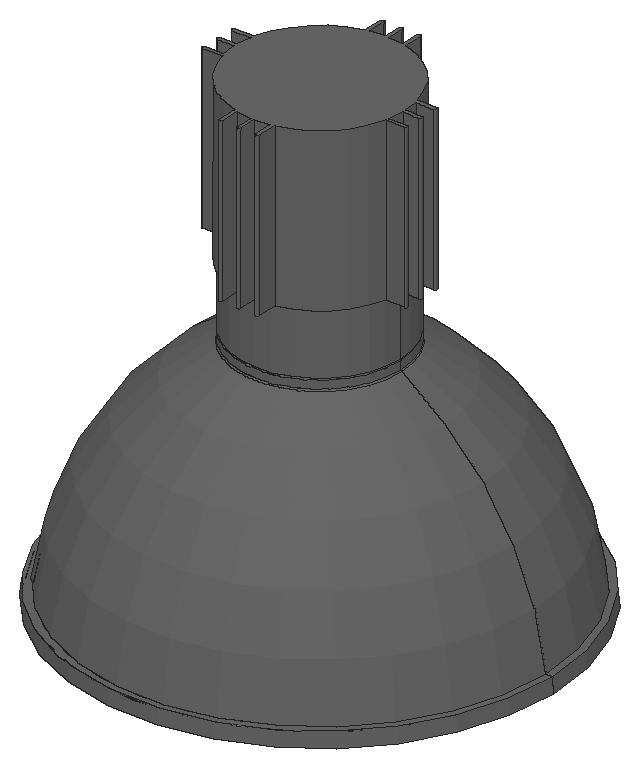
Revit family "CD16", category Lighting Fixtures, Revit 2024
Family settings
  Round Connector Dimension = Use Diameter
  Part Type = Normal
  OmniClass Number = 23.80.70.00
  OmniClass Title = Lighting
  Work Plane-Based = No
  Always vertical = Yes
  Cut with Voids When Loaded = No
  Light Source = No
  Maintain Annotation Orientation = No
  Shared = No
  Room Calculation Point = No
Parameters
  Default Elevation = 0' - 0"
Reference planes (in)
  plane 1 "Light Source Axis (F/B)": y = 0
  plane 2: z = 0
  plane 3 "Light Source Axis (L/R)": x = 0
  plane 4 "Light Source Elevation": z = 54
Forms (in)
  Sweep 1, solid, material "GLASS SHADE", not visible
    path origin (75.968, 0, 0.00093) x (1, 0, 0) y (0, 0, 1)
      loop
        arc (-4.5864, 68.3252) -> (-8.91952, 61.72019) -> (-10.59309, 54) r 21.63816
    profile origin (67.04848, 0, 61.72112) x (0.922209, 0, -0.386691) y (0, -1, 0)
      loop
        circle (0, 0) r 0.03125
  Revolve 2, solid, material "61"
    sketch origin (0, 0, 0) x (1, 0, 0) y (0, 0, 1)
      loop
        line (2.75, 62.375) -> (2.75, 64.5) -> (0.38147, 64.5) -> (0.38147, 64.40625) -> (2.65625, 64.40625) -> (2.65625, 62.24291) -> (2.65625, 62.03664)
        arc (2.65625, 62.03664) -> (2.67763, 61.95775) -> (2.73591, 61.90044) r 0.15625
        arc (2.73591, 61.90044) -> (6.09658, 58.75218) -> (7.61928, 54.40625) r 9.66639
        line (7.61928, 54.40625) -> (7.87035, 54.40625) -> (7.90589, 54) -> (8, 54) -> (7.95626, 54.5) -> (7.70402, 54.5)
        arc (7.70402, 54.5) -> (6.15181, 58.83898) -> (2.78187, 61.98216) r 9.76014
        arc (2.78187, 61.98216) -> (2.75855, 62.00508) -> (2.75, 62.03664) r 0.0625
        line (2.75, 62.03664) -> (2.75, 62.3125)
        arc (2.75, 62.3125) -> (2.73169, 62.35669) -> (2.6875, 62.375) r 0.0625
        line (2.6875, 62.375) -> (2.75, 62.375)
      axis (0, 64.5) -> (0, 54)
    angle from 0 to 360
  Extrusion 3, solid, material "61"
    sketch origin (-33.82324, -11.72601, 64.5) x (1, 0, 0) y (0, 1, 0)
      loop
        arc (36.64267, 11.16351) -> (36.68107, 11.4123) -> (36.69756, 11.66351) r 2.875
        line (36.69756, 11.66351) -> (37.26074, 11.66351)
        arc (37.26074, 11.66351) -> (37.32324, 11.72601) -> (37.26074, 11.78851) r 0.0625
        line (37.26074, 11.78851) -> (36.69756, 11.78851)
        arc (36.69756, 11.78851) -> (36.68107, 12.03971) -> (36.64267, 12.28851) r 2.875
        line (36.64267, 12.28851) -> (37.26074, 12.28851)
        arc (37.26074, 12.28851) -> (37.32324, 12.35101) -> (37.26074, 12.41351) r 0.0625
        line (37.26074, 12.41351) -> (36.61483, 12.41351)
        arc (36.61483, 12.41351) -> (35.85617, 13.75894) -> (34.51074, 14.51759) r 2.875
        line (34.51074, 14.51759) -> (34.51074, 15.16351)
        arc (34.51074, 15.16351) -> (34.44824, 15.22601) -> (34.38574, 15.16351) r 0.0625
        line (34.38574, 15.16351) -> (34.38574, 14.54544)
        arc (34.38574, 14.54544) -> (34.13694, 14.58384) -> (33.88574, 14.60033) r 2.875
        line (33.88574, 14.60033) -> (33.88574, 15.16351)
        arc (33.88574, 15.16351) -> (33.82324, 15.22601) -> (33.76074, 15.16351) r 0.0625
        line (33.76074, 15.16351) -> (33.76074, 14.60033)
        arc (33.76074, 14.60033) -> (33.50953, 14.58384) -> (33.26074, 14.54544) r 2.875
        line (33.26074, 14.54544) -> (33.26074, 15.16351)
        arc (33.26074, 15.16351) -> (33.19824, 15.22601) -> (33.13574, 15.16351) r 0.0625
        line (33.13574, 15.16351) -> (33.13574, 14.51759)
        arc (33.13574, 14.51759) -> (31.7903, 13.75894) -> (31.03165, 12.41351) r 2.875
        line (31.03165, 12.41351) -> (30.38574, 12.41351)
        arc (30.38574, 12.41351) -> (30.32324, 12.35101) -> (30.38574, 12.28851) r 0.0625
        line (30.38574, 12.28851) -> (31.0038, 12.28851)
        arc (31.0038, 12.28851) -> (30.9654, 12.03971) -> (30.94892, 11.78851) r 2.875
        line (30.94892, 11.78851) -> (30.38574, 11.78851)
        arc (30.38574, 11.78851) -> (30.32324, 11.72601) -> (30.38574, 11.66351) r 0.0625
        line (30.38574, 11.66351) -> (30.94892, 11.66351)
        arc (30.94892, 11.66351) -> (30.9654, 11.4123) -> (31.0038, 11.16351) r 2.875
        line (31.0038, 11.16351) -> (30.38574, 11.16351)
        arc (30.38574, 11.16351) -> (30.32324, 11.10101) -> (30.38574, 11.03851) r 0.0625
        line (30.38574, 11.03851) -> (31.06853, 11.03851)
        arc (31.06853, 11.03851) -> (31.81378, 9.70657) -> (33.13574, 8.94376) r 2.875
        line (33.13574, 8.94376) -> (33.13574, 8.28851)
        arc (33.13574, 8.28851) -> (33.19824, 8.22601) -> (33.26074, 8.28851) r 0.0625
        line (33.26074, 8.28851) -> (33.26074, 8.90657)
        arc (33.26074, 8.90657) -> (33.50953, 8.86817) -> (33.76074, 8.85169) r 2.875
        line (33.76074, 8.85169) -> (33.76074, 8.28851)
        arc (33.76074, 8.28851) -> (33.82324, 8.22601) -> (33.88574, 8.28851) r 0.0625
        line (33.88574, 8.28851) -> (33.88574, 8.85169)
        arc (33.88574, 8.85169) -> (34.13694, 8.86817) -> (34.38574, 8.90657) r 2.875
        line (34.38574, 8.90657) -> (34.38574, 8.28851)
        arc (34.38574, 8.28851) -> (34.44824, 8.22601) -> (34.51074, 8.28851) r 0.0625
        line (34.51074, 8.28851) -> (34.51074, 8.93442)
        arc (34.51074, 8.93442) -> (35.85617, 9.69307) -> (36.61483, 11.03851) r 2.875
        line (36.61483, 11.03851) -> (37.26074, 11.03851)
        arc (37.26074, 11.03851) -> (37.32324, 11.10101) -> (37.26074, 11.16351) r 0.0625
        line (37.26074, 11.16351) -> (36.64267, 11.16351)
    from 0 to 5.5
Dimensions and locks (in)
  aligned and locked: level to plane 2
